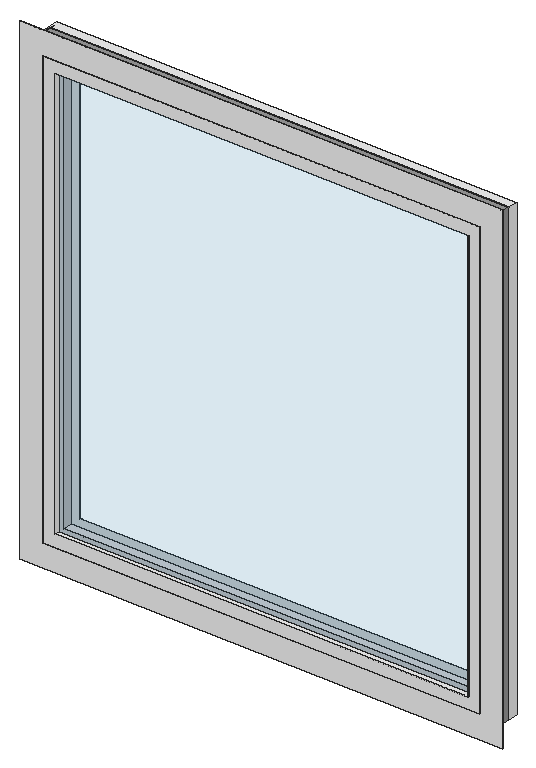
Revit family "Edge_TB42_D_Side_Hung_Custom", category Windows, host Wall, Revit 2014
Parameters (values of type "Casement_Sash_DG")
  Width Sash [instance] = 30 mm
  Width Sash Inner = 15 mm
  Width Bead = 15 mm
  Top Hung [instance] = yes
  Thermal Break Material = Rubber, Black
  Thermal Break Length = 16 mm
  Side Hung Right [instance] = yes
  Side Hung Left [instance] = yes
  Sash Opening Width [instance] = 600 mm
  Sash Opening Height [instance] = 600 mm
  Sash Lip = 15 mm
  Sash Leg [instance] = (Depth Sash - Thermal Break Length) / 2  # 13 mm
  SG Bead Leg = 6.683 mm
  Glazing Material [instance] = Glass
  Glazing Offset = 5 mm
  DG Start Piece 2 [instance] = DG End Piece 1 + DG Gasket Thickness  # 24.158 mm
  DG Start Peice 1 [instance] = ((Depth Sash - (2 * DG Glazing Thickness) - DG Gasket Thickness) / 2) - (SG Bead Leg - Aluminium Thickness) / 2  # 5.758 mm
  DG Glazing Thickness [instance] = 6.4 mm
  DG Gasket Thickness = 12 mm  # constant formula
  DG Gasket Material [instance] = none
  Depth Sash [instance] = 42 mm
  DG End Piece 2 [instance] = DG Start Piece 2 + DG Glazing Thickness  # 30.558 mm
  DG End Piece 1 [instance] = DG Start Peice 1 + DG Glazing Thickness  # 12.158 mm
  Center Vertical Sash [instance] = Sash Opening Height / 2  # 300 mm
  Center Horizontal Sash [instance] = Sash Opening Width / 2  # 300 mm
  Bottom Hung [instance] = yes
  Bead Offset = 15 mm
  Aluminium Thickness = 1 mm
  Aluminium Material [instance] = White Powder Coated Aluminium
Reference planes
  plane 1 "Center (Front/Back)": y = 0
  plane 2: z = 0
  plane 3 "Center (Left/Right)": x = 0
Forms (mm)
  Sweep 1, solid, material "White Powder Coated Aluminium" <- "Aluminium Material"
    path origin (16.177, 0, 121.331) x (1, 0, 0) y (0, 0, 1)
      loop
        line (0, 0) -> (600, 0) -> (600, 600) -> (0, 600) -> (0, 0)
    profile origin (316.177, 0, 121.331) x (0, 0, 1) y (0, -1, 0)
      loop
        line (0, 0) -> (30, 0) -> (30, 1) -> (15, 1) -> (15, 13) -> (14, 13) -> (14, 1) -> (1, 1) -> (1, 13) -> (0, 13) -> (0, 0)
      loop
        line (15, 42) -> (-15, 42) -> (-15, 41) -> (0, 41) -> (0, 29) -> (1, 29) -> (1, 41) -> (14, 41) -> (14, 29) -> (15, 29) -> (15, 42)
  Sweep 2, solid, material "White Powder Coated Aluminium" <- "Aluminium Material"
    path origin (0, 0, 0) x (1, 0, 0) y (0, 0, 1)
      loop
        line (31.177, 706.331) -> (31.177, 136.331) -> (601.177, 136.331) -> (601.177, 706.331) -> (31.177, 706.331)
    profile origin (316.177, 0, 706.331) x (0, 0, 1) y (0, -1, 0)
      loop
        line (0, 41) -> (0, 42) -> (-15, 42) -> (-15, 35.317) -> (-14, 35.317) -> (-14, 41) -> (0, 41)
  Extrusion 3, solid, material "Glass" <- "Glazing Material"
    sketch origin (0, 0, 0) x (1, 0, 0) y (0, 0, 1)
      loop
        line (36.177, 701.331) -> (36.177, 141.331) -> (596.177, 141.331) -> (596.177, 701.331) -> (36.177, 701.331)
    from 5.758 <- "DG Start Peice 1" to 12.158 <- "DG End Piece 1"
  Extrusion 4, solid, material "Glass" <- "Glazing Material"
    sketch origin (0, 0, 0) x (1, 0, 0) y (0, 0, 1)
      loop
        line (36.177, 701.331) -> (36.177, 141.331) -> (596.177, 141.331) -> (596.177, 701.331) -> (36.177, 701.331)
    from 30.558 <- "DG End Piece 2" to 24.158 <- "DG Start Piece 2"
  Sweep 5, solid, material <- "DG Gasket Material"
    path origin (0, -12.158, 0) x (1, 0, 0) y (0, 0, 1)
      loop
        line (36.177, 701.331) -> (36.177, 141.331) -> (596.177, 141.331) -> (596.177, 701.331) -> (36.177, 701.331)
    profile origin (316.177, -12.158, 701.331) x (0, 0, 1) y (0, -1, 0)
      loop
        line (0, 0) -> (0, 12) -> (-7.96, 12) -> (-7.96, 0) -> (0, 0)
  Sweep 6, solid, material "Rubber, Black" <- "Thermal Break Material"
    path origin (16.177, -13, 121.331) x (1, 0, 0) y (0, 0, 1)
      loop
        line (-15, 615) -> (-15, -15) -> (615, -15) -> (615, 615) -> (-15, 615)
    profile origin (316.177, -13, 736.331) x (0, 0, 1) y (0, -1, 0)
      loop
        line (-15, 16) -> (-16, 16) -> (-16, 0) -> (-15, 0) -> (-15, 16)
      loop
        line (-29, 16) -> (-30, 16) -> (-30, 0) -> (-29, 0) -> (-29, 16)
Lines and regions (mm)
  model lines
    curve 1: line (1.177, -42, 736.331) -> (31.177, -42, 706.331)
    curve 2: line (601.177, -42, 706.331) -> (631.177, -42, 736.331)
    curve 3: line (601.177, -42, 136.331) -> (631.177, -42, 106.331)
    curve 4: line (1.177, -42, 106.331) -> (31.177, -42, 136.331)
    curve 5: line (631.177, -41, 736.331) -> (616.177, -41, 721.331)
    curve 6: line (1.177, -41, 736.331) -> (16.177, -41, 721.331)
    curve 7: line (1.177, -41, 106.331) -> (16.177, -41, 121.331)
    curve 8: line (631.177, -41, 106.331) -> (616.177, -41, 121.331)
    curve 9: line (616.177, 0, 121.331) -> (586.177, 0, 151.331)
    curve 10: line (46.177, 0, 151.331) -> (16.177, 0, 121.331)
    curve 11: line (616.177, 0, 721.331) -> (586.177, 0, 691.331)
    curve 12: line (46.177, 0, 691.331) -> (16.177, 0, 721.331)
    curve 13: line (31.177, -42, 691.331) -> (46.177, -42, 691.331)
    curve 14: line (586.177, -42, 691.331) -> (601.177, -42, 691.331)
    curve 15: line (586.177, -42, 151.331) -> (601.177, -42, 151.331)
    curve 16: line (31.177, -42, 151.331) -> (46.177, -42, 151.331)
  model lines, style "GenericModelHiddenLines", visible <- "Top Hung"
    curve 17: line (46.386, -30.558, 690.602) -> (316.177, -30.558, 151.331)
    curve 18: line (316.177, -30.558, 151.331) -> (586.177, -30.558, 691.018)
  model lines, style "GenericModelHiddenLines", visible <- "Bottom Hung"
    curve 19: line (46.177, -30.558, 151.331) -> (316.177, -30.558, 691.018)
    curve 20: line (316.177, -30.558, 691.018) -> (586.177, -30.558, 151.331)
  model lines, style "GenericModelHiddenLines", visible <- "Side Hung Left"
    curve 21: line (46.386, -30.558, 690.602) -> (585.24, -30.558, 421.331)
    curve 22: line (585.24, -30.558, 421.331) -> (46.177, -30.558, 151.331)
  model lines, style "GenericModelHiddenLines", visible <- "Side Hung Right"
    curve 23: line (586.177, -30.558, 691.018) -> (46.177, -30.558, 421.331)
    curve 24: line (46.177, -30.558, 421.331) -> (586.177, -30.558, 151.331)
Dimensions and locks
  "Aluminium Thickness": Sweep 1 sketch curve to Sweep 1 sketch curve  (x6)
  "Depth Sash": Sweep 1 sketch curve to Sweep 1 sketch curve
  "Sash Opening Width": Sweep 1 to Sweep 1
  "Sash Opening Height": Sweep 1 to Sweep 1
  "Width Sash": Sweep 1 sketch curve to Sweep 1 sketch curve  (x2)
  "Width Sash Inner": Sweep 1 sketch curve to Sweep 1 sketch curve
  "Sash Lip": Sweep 1 sketch curve to Sweep 1 sketch curve
  "Glazing Offset": Sweep 2 to Extrusion 3 sketch curve  (x3)
  "Glazing Offset": Extrusion 3 sketch curve to Sweep 2
  Sweep 1 to Sweep 1 = 1 mm
  "Width Bead": Sweep 2 sketch curve to Sweep 2 sketch curve
  locked: Sweep 5 sketch curve to Sweep 5 sketch curve at 7.96
  "Center Horizontal Sash": Sweep 1 to curve 18
  "Center Horizontal Sash": Sweep 1 to curve 20
  "Center Vertical Sash": Sweep 1 to curve 22
  "Center Vertical Sash": Sweep 1 to curve 24
  "Sash Leg": Sweep 1 sketch curve to Sweep 1 sketch curve
  "Aluminium Thickness": Sweep 2 sketch curve to Sweep 2 sketch curve  (x2)
  "SG Bead Leg": Sweep 2 sketch curve to Sweep 2 sketch curve
  aligned and locked: level to plane 2
  aligned and locked: Sweep 1 sketch curve to Sweep 1 sketch curve  (x3)
  aligned and locked: Sweep 2 sketch curve to Sweep 1  (x4)
  aligned and locked: Sweep 1 to Sweep 2 sketch curve  (x2)
  aligned and locked: Extrusion 4 sketch curve to Extrusion 3  (x4)
  aligned and locked: Sweep 5 sketch curve to Extrusion 3  (x5)
  aligned and locked: Extrusion 3 to Sweep 5 sketch curve
  aligned and locked: Sweep 6 sketch curve to Sweep 1  (x10)
  aligned and locked: Sweep 1 to Sweep 6 sketch curve  (x2)
Automatic sketch dimensions
  plane 3 "Center (Left/Right)" to Sweep 1 sketch curve = 16.177 mm
  level to Sweep 1 sketch curve = 121.331 mm
  plane 3 "Center (Left/Right)" to Sweep 1 sketch curve = 616.177 mm
  level to Sweep 1 sketch curve = 721.331 mm
  profile plane to Sweep 5 sketch curve = 12 mm
  curve 7 to Sweep 1 = 0 mm  (x4)
  curve 6 to Sweep 1 = 0 mm  (x3)
  Sweep 1 to curve 6 = 0 mm
  curve 5 to Sweep 1 = 0 mm  (x3)
  curve 8 to Sweep 1 = 0 mm  (x4)
  Sweep 1 to curve 5 = 0 mm
  curve 16 to Sweep 2 = 0 mm  (x3)
  curve 13 to Sweep 2 = 0 mm  (x3)
  curve 15 to Sweep 2 = 0 mm
  Sweep 2 to curve 15 = 0 mm  (x2)
  curve 14 to Sweep 2 = 0 mm  (x2)
  Sweep 2 to curve 14 = 0 mm
  curve 1 to Sweep 1 = 0 mm  (x4)
  curve 4 to Sweep 1 = 0 mm  (x4)
  curve 2 to Sweep 1 = 0 mm  (x4)
  curve 3 to Sweep 1 = 0 mm  (x2)
  Sweep 1 to curve 3 = 0 mm  (x2)
  curve 10 to Sweep 1 = 0 mm  (x4)
  curve 12 to Sweep 1 = 0 mm  (x2)
  Sweep 1 to curve 12 = 0 mm  (x2)
  curve 11 to Sweep 1 = 0 mm  (x4)
  curve 9 to Sweep 1 = 0 mm  (x4)
  profile plane to Sweep 1 sketch curve = 0 mm  (x2)
  Sweep 1 sketch curve to plane 1 "Center (Front/Back)" = 0 mm
  Sweep 1 sketch curve to Sweep 1 sketch curve = 13 mm
  Sweep 1 sketch curve to Sweep 1 sketch curve = 12 mm  (x2)
  curve 21 to Extrusion 4 = 10.208 mm
  curve 19 to Extrusion 4 = 10 mm
  curve 23 to Extrusion 4 = 10 mm  (x2)
  curve 22 to Extrusion 4 = 10.937 mm
  curve 20 to Extrusion 4 = 10 mm
  curve 24 to Extrusion 4 = 10 mm
  curve 22 to Extrusion 4 = 10 mm
  curve 18 to Extrusion 4 = 10 mm
  curve 21 to Extrusion 4 = 10.729 mm
  curve 19 to Extrusion 4 = 10.312 mm
  curve 18 to Extrusion 4 = 10.312 mm
